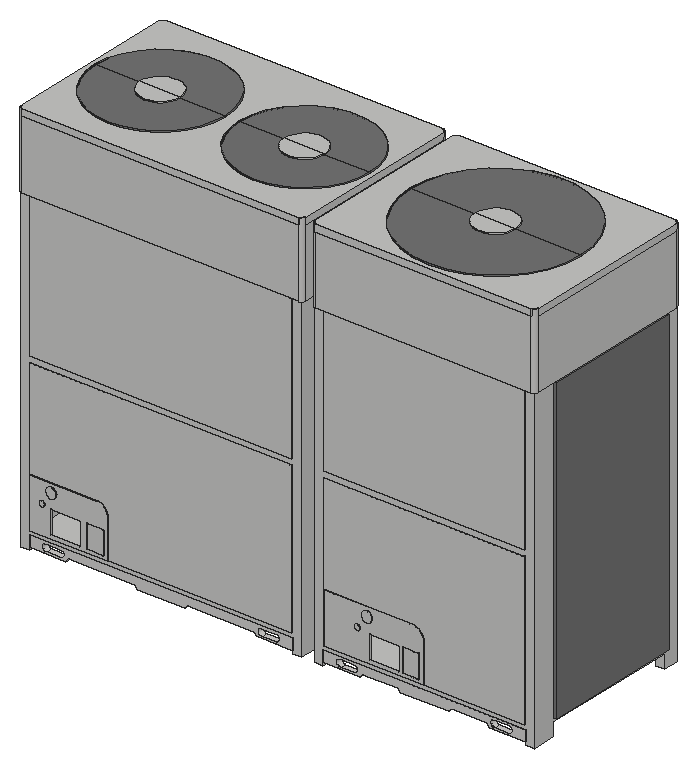
Revit family "Heat_Pump-Split_System-Outdoor-JCI-Twin_Unit-18-30 _ton", category Mechanical Equipment, Revit 2014 (continued)
Definition of nested family "Heat_Pump-Split_System-Outdoor-JCI-Single_Unit-6-16 _ton to be nested"
  Dimensions and locks (in)
    aligned and locked: cut or joined group of Extrusion 2, Extrusion 9 to Masking region 2 sketch curve  (x4)
    aligned and locked: plane 7 "Front" to Masking region 2 sketch curve
    aligned and locked: Masking region 2 sketch curve to plane 28
    aligned and locked: plane 4 "Left" to Masking region 2 sketch curve
    aligned and locked: Masking region 2 sketch curve to plane 15 "back leg inside"  (x2)
    aligned and locked: Masking region 2 sketch curve to plane 6 "Back"
    aligned and locked: Masking region 2 sketch curve to plane 5 "Right"
    aligned and locked: plane 14 "front leg inside" to Masking region 2 sketch curve
    aligned and locked: Masking region 2 sketch curve to plane 9 "lid right"
    aligned and locked: curve 1 to Masking region 2  (x2)
    aligned and locked: Masking region 2 to curve 2
    aligned and locked: curve 2 to Masking region 2  (x2)
    aligned and locked: Masking region 2 to curve 1
    aligned and locked: Masking region 3 sketch curve to plane 31 "fan top"
    aligned and locked: plane 4 "Left" to Masking region 3 sketch curve
    aligned and locked: Masking region 3 sketch curve to plane 5 "Right"
    aligned and locked: plane 10 "Bottom" to Masking region 3 sketch curve
    aligned and locked: Masking region 4 sketch curve to plane 11 "Top"
    aligned and locked: cut or joined group of Extrusion 1, Extrusion 9 to Masking region 4 sketch curve
    aligned and locked: plane 13 "lid bottom" to Masking region 4 sketch curve
    aligned and locked: Masking region 4 sketch curve to plane 4 "Left"
    aligned and locked: Masking region 4 sketch curve to plane 18 "body left"
    aligned and locked: Masking region 4 sketch curve to plane 24 "panel bottom"
    aligned and locked: Masking region 4 sketch curve to plane 12 "base top"
    aligned and locked: plane 22 "left leg inside" to Masking region 4 sketch curve
    aligned and locked: Masking region 4 sketch curve to plane 10 "Bottom"  (x2)
    aligned and locked: plane 19 "body right" to Masking region 4 sketch curve
    aligned and locked: Masking region 4 sketch curve to plane 23 "right leg inside"
    aligned and locked: plane 24 "panel bottom" to Masking region 4 sketch curve
    aligned and locked: plane 5 "Right" to Masking region 4 sketch curve
    aligned and locked: Masking region 4 sketch curve to plane 13 "lid bottom"
    aligned and locked: Masking region 4 sketch curve to cut or joined group of Extrusion 1, Extrusion 9
    aligned and locked: Masking region 5 sketch curve to Masking region 5 sketch curve
    aligned and locked: Masking region 5 sketch curve to plane 17
    aligned and locked: Masking region 5 sketch curve to plane 8 "lid left"
    aligned and locked: Masking region 5 sketch curve to plane 11 "Top"  (x2)
    aligned and locked: cut or joined group of Extrusion 2, Extrusion 9 to Masking region 5 sketch curve
    aligned and locked: Masking region 5 sketch curve to plane 16 "lid top"
    aligned and locked: Masking region 5 sketch curve to cut or joined group of Extrusion 2, Extrusion 9  (x3)
    aligned and locked: Masking region 5 sketch curve to plane 31 "fan top"
    aligned and locked: Masking region 5 sketch curve to plane 9 "lid right"
    aligned and locked: plane 17 to Masking region 5 sketch curve
    aligned and locked: plane 16 "lid top" to Masking region 5 sketch curve
    aligned and locked: Masking region 5 sketch curve to Extrusion 5  (x15)
    aligned and locked: Masking region 5 to curve 3  (x2)
    aligned and locked: Masking region 4 to curve 5  (x2)
    aligned and locked: curve 5 to Masking region 4
    aligned and locked: plane 13 "lid bottom" to curve 4
    aligned and locked: curve 4 to plane 18 "body left"
    aligned and locked: curve 6 to plane 19 "body right"
    aligned and locked: Masking region 4 to curve 4
    aligned and locked: curve 6 to Masking region 4
    aligned and locked: curve 7 to Extrusion 7
    aligned and locked: curve 8 to Extrusion 7
    aligned and locked: curve 9 to Extrusion 7
    aligned and locked: curve 11 to Extrusion 7
    aligned and locked: curve 12 to Extrusion 7
    aligned and locked: curve 14 to Extrusion 7
    aligned and locked: curve 15 to Extrusion 7
    aligned and locked: curve 16 to Extrusion 7
    aligned and locked: curve 17 to Extrusion 7
    aligned and locked: curve 19 to Extrusion 7
    aligned and locked: curve 21 to Extrusion 7
    aligned and locked: curve 22 to Extrusion 7
    aligned and locked: curve 31 to curve 28
    aligned and locked: curve 30 to Extrusion 8
    aligned and locked: plane 13 "lid bottom" to curve 32
    aligned and locked: plane 13 "lid bottom" to curve 30
    aligned and locked: plane 13 "lid bottom" to curve 29
    aligned and locked: plane 13 "lid bottom" to curve 27
    aligned and locked: curve 29 to Extrusion 8
    aligned and locked: curve 32 to Extrusion 8
    aligned and locked: curve 38 to plane 39
    aligned and locked: curve 37 to plane 38
    aligned and locked: curve 36 to plane 37
    aligned and locked: curve 35 to plane 36
    aligned and locked: curve 34 to plane 35
    aligned and locked: curve 33 to plane 34
    aligned and locked: plane 27 to curve 38
    aligned and locked: plane 23 "right leg inside" to curve 35
    aligned and locked: curve 39 to plane 40
    aligned and locked: curve 40 to plane 41
    aligned and locked: curve 41 to plane 42
    aligned and locked: curve 42 to plane 43
    aligned and locked: plane 13 "lid bottom" to curve 39
    aligned and locked: plane 13 "lid bottom" to curve 40
    aligned and locked: plane 13 "lid bottom" to curve 41
    aligned and locked: plane 13 "lid bottom" to curve 42
    aligned and locked: plane 24 "panel bottom" to curve 41
    aligned and locked: plane 24 "panel bottom" to curve 42
    aligned and locked: curve 43 to plane 34
    aligned and locked: curve 44 to plane 35
    aligned and locked: curve 45 to plane 36
    aligned and locked: plane 37 to curve 46
    aligned and locked: curve 47 to plane 38
    aligned and locked: curve 48 to plane 39
    aligned and locked: plane 22 "left leg inside" to curve 48
    aligned and locked: plane 22 "left leg inside" to curve 43
    aligned and locked: plane 26 to curve 45
    aligned and locked: curve 50 to plane 45
    aligned and locked: curve 51 to plane 46
    aligned and locked: curve 52 to plane 47
    aligned and locked: plane 24 "panel bottom" to curve 52
    aligned and locked: plane 13 "lid bottom" to curve 49
    aligned and locked: plane 13 "lid bottom" to curve 50
    aligned and locked: plane 13 "lid bottom" to curve 51
    aligned and locked: plane 13 "lid bottom" to curve 52
    aligned and locked: Masking region 6 sketch curve to Extrusion 10  (x4)
    aligned and locked: Masking region 7 sketch curve to Masking region 7 sketch curve
    aligned and locked: plane 13 "lid bottom" to Masking region 7 sketch curve
    aligned and locked: Masking region 7 sketch curve to plane 6 "Back"
    aligned and locked: Masking region 7 sketch curve to cut or joined group of Extrusion 1, Extrusion 9  (x2)
    aligned and locked: Masking region 7 sketch curve to plane 11 "Top"
    aligned and locked: Masking region 7 sketch curve to plane 15 "back leg inside"
    aligned and locked: plane 10 "Bottom" to Masking region 7 sketch curve  (x2)
    aligned and locked: Masking region 7 sketch curve to plane 12 "base top"
    aligned and locked: plane 14 "front leg inside" to Masking region 7 sketch curve
    aligned and locked: plane 21 "body front" to Masking region 7 sketch curve
    aligned and locked: Masking region 7 to curve 53
    aligned and locked: curve 53 to Masking region 7
    aligned and locked: plane 20 "body back" to Masking region 7 sketch curve
    aligned and locked: plane 24 "panel bottom" to Masking region 7 sketch curve
    aligned and locked: plane 13 "lid bottom" to curve 54
    aligned and locked: plane 20 "body back" to curve 54
    aligned and locked: plane 24 "panel bottom" to curve 54
    aligned and locked: curve 56 to plane 24 "panel bottom"
    aligned and locked: curve 58 to plane 48
    aligned and locked: curve 59 to plane 49
    aligned and locked: curve 56 to curve 58
    aligned and locked: plane 13 "lid bottom" to curve 59
    aligned and locked: plane 13 "lid bottom" to curve 58
    aligned and locked: curve 60 to plane 34
    aligned and locked: curve 61 to plane 35
    aligned and locked: curve 62 to plane 36
    aligned and locked: curve 63 to plane 37
    aligned and locked: curve 64 to plane 38
    aligned and locked: curve 65 to plane 39
    aligned and locked: plane 15 "back leg inside" to curve 60
    aligned and locked: plane 15 "back leg inside" to curve 65
    aligned and locked: plane 28 to curve 63
    aligned and locked: plane 28 to curve 64
    aligned and locked: plane 15 "back leg inside" to curve 67
    aligned and locked: plane 13 "lid bottom" to curve 66
    aligned and locked: curve 73 to plane 34
    aligned and locked: curve 72 to plane 35
    aligned and locked: curve 71 to plane 36
    aligned and locked: curve 70 to plane 37
    aligned and locked: curve 69 to plane 38
    aligned and locked: curve 68 to plane 39
    aligned and locked: plane 14 "front leg inside" to curve 69
    aligned and locked: plane 14 "front leg inside" to curve 68
    aligned and locked: plane 15 "back leg inside" to curve 73
    aligned and locked: plane 15 "back leg inside" to curve 72
    aligned and locked: plane 15 "back leg inside" to curve 71
    aligned and locked: plane 15 "back leg inside" to curve 70
    aligned and locked: plane 15 "back leg inside" to curve 69
    aligned and locked: plane 15 "back leg inside" to curve 68
    aligned and locked: curve 74 to plane 50
    aligned and locked: curve 75 to plane 51
    aligned and locked: curve 76 to plane 52
    aligned and locked: plane 24 "panel bottom" to curve 76
    aligned and locked: plane 24 "panel bottom" to curve 75
    aligned and locked: plane 13 "lid bottom" to curve 76
    aligned and locked: plane 13 "lid bottom" to curve 75
    aligned and locked: plane 13 "lid bottom" to curve 74
    aligned and locked: Masking region 8 sketch curve to Extrusion 7  (x2)
    aligned and locked: Masking region 8 sketch curve to plane 7 "Front"
    aligned and locked: Masking region 8 sketch curve to plane 17  (x2)
    aligned and locked: Masking region 8 sketch curve to plane 11 "Top"
    aligned and locked: Masking region 8 sketch curve to plane 31 "fan top"
    aligned and locked: Masking region 8 sketch curve to plane 16 "lid top"
    aligned and locked: Masking region 8 sketch curve to Masking region 7
    aligned and locked: cut or joined group of Extrusion 2, Extrusion 9 to Masking region 8 sketch curve
    aligned and locked: plane 11 "Top" to Masking region 8 sketch curve
    aligned and locked: plane 16 "lid top" to Masking region 8 sketch curve
    aligned and locked: Masking region 7 to Masking region 8 sketch curve
    aligned and locked: plane 17 to Masking region 8 sketch curve
    aligned and locked: Masking region 8 sketch curve to Extrusion 10
    aligned and locked: Masking region 8 sketch curve to cut or joined group of Extrusion 2, Extrusion 9
    aligned and locked: Masking region 8 to curve 77
    aligned and locked: curve 77 to Masking region 8  (x2)
    aligned and locked: Extrusion 11 sketch curve to plane 32 "detail panel right"
    aligned and locked: plane 33 "detail panel top" to Extrusion 11 sketch curve
    aligned and locked: Extrusion 11 to plane 28
    aligned and locked: Extrusion 11 to plane 21 "body front"
    aligned and locked: plane 54 "ko z cl" to curve 78
    aligned and locked: plane 53 "ko mech y cl" to curve 78
    aligned and locked: Extrusion 12 sketch curve to curve 78  (x2)
    aligned and locked: Extrusion 12 sketch curve to Extrusion 12 sketch curve
    aligned and locked: Extrusion 11 sketch curve to plane 24 "panel bottom"
    aligned and locked: Extrusion 8 sketch curve to plane 3 "Center (Left/Right)"
    aligned and locked: plane 10 "Bottom" to curve 79
    aligned and locked: plane 55 "ko power y cl" to curve 79
    aligned and locked: Extrusion 11 sketch curve to cut or joined group of Extrusion 7, Extrusion 12
    aligned and locked: curve 80 to Extrusion 13
    aligned and locked: curve 81 to curve 85
    aligned and locked: curve 87 to curve 83
    aligned and locked: Extrusion 14 sketch curve to plane 13 "lid bottom"
    aligned and locked: Extrusion 14 sketch curve to plane 24 "panel bottom"
    aligned and locked: Extrusion 14 sketch curve to plane 58
    aligned and locked: Masking region 9 sketch curve to plane 31 "fan top"
    aligned and locked: Masking region 9 sketch curve to plane 11 "Top"
    aligned and locked: curve 20 to cut or joined group of Extrusion 7, Extrusion 12
    aligned and locked: curve 13 to cut or joined group of Extrusion 7, Extrusion 12
    aligned and locked: curve 24 to Extrusion 14
    aligned and locked: curve 89 to Extrusion 13
    aligned and locked: plane 59 "front dummy" to plane 7 "Front"
    aligned and locked: curve 3 to Masking region 5
  Automatic sketch dimensions
    plane 8 "lid left" to Extrusion 2 sketch curve = 0.12868"
    Extrusion 2 sketch curve to Extrusion 2 sketch curve = 0.063"  (x5)
    Extrusion 2 sketch curve to Extrusion 2 sketch curve = 0.62182"
    Extrusion 2 sketch curve to plane 9 "lid right" = 0.12868"
    Extrusion 2 sketch curve to Extrusion 2 sketch curve = 0.12868"  (x2)
    plane 7 "Front" to Extrusion 2 sketch curve = 0.12868"
    Extrusion 2 sketch curve to Extrusion 2 sketch curve = 0.55882"
    Extrusion 5 sketch curve to plane 23 "right leg inside" = 0"
    Extrusion 5 sketch curve to Extrusion 5 sketch curve = 1/2"  (x4)
    Extrusion 5 sketch curve to Extrusion 5 sketch curve = 5/8"
    Extrusion 6 sketch curve to Extrusion 6 sketch curve = 29/32"
    Extrusion 6 sketch curve to Extrusion 6 sketch curve = 1 13/32"
    Extrusion 7 sketch curve to plane 24 "panel bottom" = 0"
    plane 22 "left leg inside" to Extrusion 7 sketch curve = 5/32"
    Masking region 2 sketch curve to plane 9 "lid right" = 0"
    plane 44 to curve 49 = 0"
    plane 7 "Front" to curve 53 = 0.063"
    curve 55 to plane 13 "lid bottom" = 0"
    curve 57 to plane 13 "lid bottom" = 0"
    Extrusion 8 sketch curve to plane 22 "left leg inside" = 0.29229"
    Masking region 5 sketch curve to Masking region 5 sketch curve = 2 3/8"
    curve 25 to plane 24 "panel bottom" = 0"
    curve 23 to plane 13 "lid bottom" = 0"
    curve 26 to plane 23 "right leg inside" = 5/32"
    plane 24 "panel bottom" to Masking region 8 sketch curve = 0"
    Masking region 8 sketch curve to plane 13 "lid bottom" = 0"
  Nested families (in)
    nested 1: "JCI - Fan to be nested" at (0, 0, 65.25), built-in parameter 1001364 <- "Length 4", type "Standard"
    nested 2: "JCI - Fan to be nested" at (38.375, 0, 65.25), built-in parameter 1001364 <- "Length 4", visible <- "Visibility 1", type "Standard"
  Definition of nested family "JCI - Fan to be nested"
    Parameters (values of type "Standard")
      Shroud Radius = Shroud Diameter / 2  # 14 3/8"
      Shroud Material = Metal - JCI - Grille SU
      Shroud Height = 1 1/4"
      Shroud Diameter = 28 3/4"
      Shroud Cap Radius = Shroud Cap Diameter / 2  # 3 3/8"
      Offset = 0"
      Length 3 = (Shroud Radius - Shroud Cap Radius) * 3 / 3  # 11"
      Length 2 = (Shroud Radius - Shroud Cap Radius) * 2 / 3  # 7.33333"
      Length 1 = (Shroud Radius - Shroud Cap Radius) * 1 / 3  # 3.66667"
      Fan Radius = Fan Diameter / 2  # 13 21/32"
      Fan Material = Image - JCI - Fan
      Fan Diameter = Shroud Diameter * 0.95  # 27 5/16"
      Shroud Cap Diameter = 6 3/4"
      Cap Material = Paint - JCI - Silky Shade SU
    Reference planes (in)
      plane 1 "Center (Front/Back)": y = 0
      plane 2: z = 0
      plane 3 "Center (Left/Right)": x = 0
      plane 4 "Bottom": z = 0
      plane 5 "Top": z = 1.25
      plane 6 "fan top": z = 0.125
    Forms (in)
      Extrusion 1, solid, material "Image - JCI - Fan" <- "Fan Material", detail levels medium+fine
        sketch origin (0, 0, 0) x (1, 0, 0) y (0, 1, 0)
          loop
            circle (0, 0) r 13.65625
        from 0 to 0.125
      Revolve 2, solid, material "Metal - JCI - Grille SU" <- "Shroud Material", detail levels fine
        sketch origin (0, 0, 0) x (1, 0, 0) y (0, 0, 1)
          loop
            line (0, 1.25) -> (-3.375, 1.25) -> (-3.375, 1.125) -> (-14.375, 1.125) -> (-14.375, 0) -> (-14.275, 0) -> (-14.275, 1.025) -> (-0.15, 1.025) -> (-0.15, 0.125) -> (0, 0.125) -> (0, 1.25)
          axis (0, 1.25) -> (0, 0)
        angle from 0 to 360
    Lines and regions (in)
      symbolic lines, detail levels fine
        curve 1: circle (0, 0, 0) r 3.375 normal (0, 0, 1)
        curve 2: circle (0, 0, 0) r 3.66667 normal (0, 0, 1)
        curve 3: circle (0, 0, 0) r 7.33333 normal (0, 0, 1)
        curve 5: circle (0, 0, 0) r 11 normal (0, 0, 1)
        curve 6: line (-3.375, 0, 0) -> (-14.375, 0, 0)
        curve 7: line (0, -3.375, 0) -> (0, -14.375, 0)
        curve 8: line (3.375, 0, 0) -> (14.375, 0, 0)
        curve 9: line (0, 3.375, 0) -> (0, 14.375, 0)
        curve 10: line (-2.38649, 2.38649, 0) -> (-10.16466, 10.16466, 0)
        curve 11: line (2.38649, 2.38649, 0) -> (10.16466, 10.16466, 0)
        curve 12: line (-2.38649, -2.38649, 0) -> (-10.16466, -10.16466, 0)
        curve 13: line (2.38649, -2.38649, 0) -> (10.16466, -10.16466, 0)
      symbolic lines, detail levels medium+fine
        curve 4: circle (0, 0, 0) r 14.375 normal (0, 0, 1)
    Dimensions and locks (in)
      "Shroud Height": plane 5 "Top" to plane 4 "Bottom"
      plane 4 "Bottom" to level = 0"
      locked: plane 6 "fan top" to plane 4 "Bottom" at 0.125
      "Shroud Radius": Revolve 2 sketch curve to Revolve 2 sketch curve
      locked: plane 5 "Top" to Revolve 2 sketch curve at 0.125
      "Shroud Cap Radius": Revolve 2 sketch curve to Revolve 2 sketch curve
      locked: Revolve 2 sketch curve to Revolve 2 sketch curve at 0.1
      locked: Revolve 2 sketch curve to Revolve 2 sketch curve at 0.15
      "Fan Radius": radius of Extrusion 1 sketch curve
      "Shroud Cap Radius": radius of curve 1
      "Shroud Radius": radius of curve 4
      "Length 1": radius of curve 2
      "Length 2": radius of curve 3
      "Length 3": radius of curve 5
      locked: curve 13 to plane 1 "Center (Front/Back)" (angle 45.00°)
      locked: plane 1 "Center (Front/Back)" to curve 11 (angle 45.00°)
      locked: curve 10 to plane 1 "Center (Front/Back)" (angle 45.00°)
      locked: plane 1 "Center (Front/Back)" to curve 12 (angle 45.00°)
      aligned and locked: plane 2 to level
      aligned and locked: plane 3 "Center (Left/Right)" to Extrusion 1 sketch curve
      aligned and locked: plane 1 "Center (Front/Back)" to Extrusion 1 sketch curve
      aligned and locked: Extrusion 1 to plane 4 "Bottom"
      aligned and locked: Extrusion 1 to plane 6 "fan top"
      aligned and locked: Revolve 2 sketch curve to plane 3 "Center (Left/Right)"
      aligned and locked: Revolve 2 sketch curve to Revolve 2 sketch curve
      aligned and locked: Revolve 2 sketch curve to plane 5 "Top"
      aligned and locked: plane 4 "Bottom" to Revolve 2 sketch curve
      aligned and locked: Revolve 2 sketch curve to plane 6 "fan top"
      aligned and locked: plane 3 "Center (Left/Right)" to curve 1
      aligned and locked: plane 1 "Center (Front/Back)" to curve 1
      aligned and locked: plane 3 "Center (Left/Right)" to curve 4
      aligned and locked: plane 1 "Center (Front/Back)" to curve 4
      aligned and locked: plane 3 "Center (Left/Right)" to curve 2
      aligned and locked: plane 1 "Center (Front/Back)" to curve 2
      aligned and locked: plane 3 "Center (Left/Right)" to curve 3
      aligned and locked: plane 1 "Center (Front/Back)" to curve 3
      aligned and locked: plane 3 "Center (Left/Right)" to curve 5
      aligned and locked: plane 1 "Center (Front/Back)" to curve 5
    Automatic sketch dimensions
      Revolve 2 sketch curve to Revolve 2 sketch curve = 0.1"
      Revolve 2 sketch curve to level = 7.65209"
      Revolve 2 sketch curve to Revolve 2 sketch curve = 5.34791"
      curve 7 to plane 3 "Center (Left/Right)" = 0"
      curve 9 to plane 3 "Center (Left/Right)" = 0"
      plane 1 "Center (Front/Back)" to curve 8 = 0"
      plane 1 "Center (Front/Back)" to curve 6 = 0"
      curve 10 to plane 1 "Center (Front/Back)" = 2.38649"
      plane 1 "Center (Front/Back)" to curve 12 = 2.38649"
      curve 11 to plane 1 "Center (Front/Back)" = 2.38649"
      plane 1 "Center (Front/Back)" to curve 13 = 2.38649"
